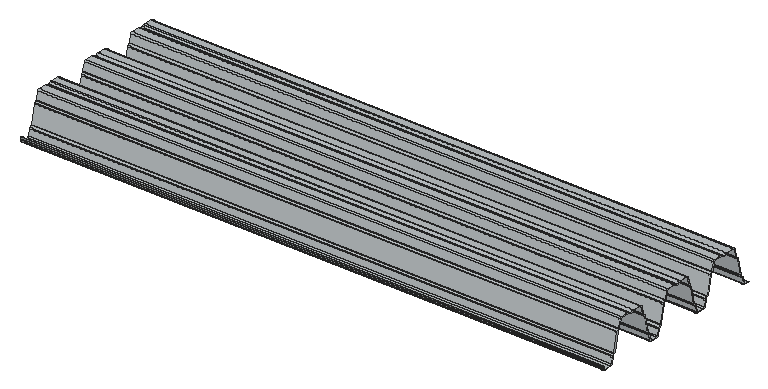
Revit family "28_SB_NL_Delft_Profielen_160R_750", category Structural Framing, Revit 2016
Family settings
  Section Shape = Not Defined
  Material for Model Behavior = Other
  Always export as geometry = No
  OmniClass Number = 23.25.30.11.14.14
  OmniClass Title = Beams
  Always vertical = Yes
  Cut with Voids When Loaded = No
  Symbolic Representation = From Family
  Shared = No
  Show family pre-cut in plan views = Yes
Parameters (values of type "160R_750")
  Vrijkomen van cadium = "NPD"
  URL = "www.delftprofielen.nl"
  Toleranties op vorm en afmetingen = "Tolerantieklasse D1 volgens EN 1090-2"
  Structural Material [instance] = (empty or 0)
  Reactie op bbrand = "Klasse A1"
  Radioactieve straling = "NPD"
  Ontwerp = "NPD"
  Norm = "NEN-EN 1090-1: 2009 + A1:2011"
  Minimale plaatlengte = 1500 mm
  Minimale overlap = 100 mm
  Maximale plaatlengte = 25000 mm
  Materiaal = S320D GD
  Manufacturer = "Delft profielen b.v."
  Length [instance] = 3000 mm
  Fabricage = "Warmdakplaten Delft 160R/750 én EN 1090-2"
  Duurzaamheid = "Verzinkt Z-275 gr./m2 of interieur coating 15mu/BC"
  Dikte = 0.75 mm
  Description = "160R/750"
  Datum = "13-4-2018"
  Constructieve kenmerken = "-"
  BIM4ALL B.V. = "www.bim4all.com"
  Assembly Code = "28.31"
Reference planes
  plane 1 "Center (Front/Back)": y = 0
  plane 2 "Center Elevation": z = 0
  plane 3 "Center (Left/Right)": x = 0
  plane 4 "Left": x = -1500
  plane 5 "Member Left": x = -1250
  plane 6 "Stick Symbol Left": x = -1000
  plane 7 "Right": x = 1500
  plane 8 "Member Right": x = 1250
  plane 9 "Stick Symbol Right": x = 1000
Forms (mm)
  Sweep 1, solid, material "S320D GD" <- "Materiaal"
    path origin (0, 0, 0) x (1, 0, 0) y (0, 1, 0)
      loop
        line (-1250, 0) -> (1250, 0)
    profile "28_Prof_160R_750 : 160R_750" origin (0, 0, 0) x (0, 1, 0) y (0, 0, 1)
      loop
        arc (15.247, 0) -> (18.973, 1.297) -> (21.088, 4.627) r 6
        line (21.088, 4.627) -> (27.118, 30.278)
        arc (27.118, 30.278) -> (27.543, 31.429) -> (28.235, 32.441) r 5
        line (28.235, 32.441) -> (34.812, 39.897)
        arc (34.812, 39.897) -> (35.643, 41.112) -> (36.153, 42.493) r 6
        line (36.153, 42.493) -> (52.91, 113.778)
        arc (52.91, 113.778) -> (53.335, 114.929) -> (54.028, 115.941) r 5
        line (54.028, 115.941) -> (60.604, 123.397)
        arc (60.604, 123.397) -> (61.435, 124.612) -> (61.945, 125.993) r 6
        line (61.945, 125.993) -> (69.386, 157.644)
        arc (69.386, 157.644) -> (71.148, 160.419) -> (74.253, 161.5) r 5
        line (74.253, 161.5) -> (108.766, 161.5)
        arc (108.766, 161.5) -> (109.773, 161.398) -> (110.739, 161.094) r 5
        line (110.739, 161.094) -> (122.632, 155.987)
        arc (122.632, 155.987) -> (125, 155.5) -> (127.368, 155.987) r 6
        line (127.368, 155.987) -> (139.261, 161.094)
        arc (139.261, 161.094) -> (140.227, 161.398) -> (141.234, 161.5) r 5
        line (141.234, 161.5) -> (175.747, 161.5)
        arc (175.747, 161.5) -> (178.852, 160.419) -> (180.614, 157.644) r 5
        line (180.614, 157.644) -> (188.055, 125.993)
        arc (188.055, 125.993) -> (188.565, 124.612) -> (189.396, 123.397) r 6
        line (189.396, 123.397) -> (195.972, 115.941)
        arc (195.972, 115.941) -> (196.665, 114.929) -> (197.09, 113.778) r 5
        line (197.09, 113.778) -> (213.847, 42.493)
        arc (213.847, 42.493) -> (214.357, 41.112) -> (215.188, 39.897) r 6
        line (215.188, 39.897) -> (221.765, 32.441)
        arc (221.765, 32.441) -> (222.457, 31.429) -> (222.882, 30.278) r 5
        line (222.882, 30.278) -> (228.912, 4.627)
        arc (228.912, 4.627) -> (231.027, 1.297) -> (234.753, 0) r 6
        line (234.753, 0) -> (265.247, 0)
        arc (265.247, 0) -> (268.973, 1.297) -> (271.088, 4.627) r 6
        line (271.088, 4.627) -> (277.118, 30.278)
        arc (277.118, 30.278) -> (277.543, 31.429) -> (278.235, 32.441) r 5
        line (278.235, 32.441) -> (284.812, 39.897)
        arc (284.812, 39.897) -> (285.643, 41.112) -> (286.153, 42.493) r 6
        line (286.153, 42.493) -> (302.91, 113.778)
        arc (302.91, 113.778) -> (303.335, 114.929) -> (304.028, 115.941) r 5
        line (304.028, 115.941) -> (310.604, 123.397)
        arc (310.604, 123.397) -> (311.435, 124.612) -> (311.945, 125.993) r 6
        line (311.945, 125.993) -> (319.386, 157.644)
        arc (319.386, 157.644) -> (321.148, 160.419) -> (324.253, 161.5) r 5
        line (324.253, 161.5) -> (358.766, 161.5)
        arc (358.766, 161.5) -> (359.773, 161.398) -> (360.739, 161.094) r 5
        line (360.739, 161.094) -> (372.632, 155.987)
        arc (372.632, 155.987) -> (375, 155.5) -> (377.368, 155.987) r 6
        line (377.368, 155.987) -> (389.261, 161.094)
        arc (389.261, 161.094) -> (390.227, 161.398) -> (391.234, 161.5) r 5
        line (391.234, 161.5) -> (425.747, 161.5)
        arc (425.747, 161.5) -> (428.852, 160.419) -> (430.614, 157.644) r 5
        line (430.614, 157.644) -> (438.055, 125.993)
        arc (438.055, 125.993) -> (438.565, 124.612) -> (439.396, 123.397) r 6
        line (439.396, 123.397) -> (445.972, 115.941)
        arc (445.972, 115.941) -> (446.665, 114.929) -> (447.09, 113.778) r 5
        line (447.09, 113.778) -> (463.847, 42.493)
        arc (463.847, 42.493) -> (464.357, 41.112) -> (465.188, 39.897) r 6
        line (465.188, 39.897) -> (471.765, 32.441)
        arc (471.765, 32.441) -> (472.457, 31.429) -> (472.882, 30.278) r 5
        line (472.882, 30.278) -> (478.912, 4.627)
        arc (478.912, 4.627) -> (481.027, 1.297) -> (484.753, 0) r 6
        line (484.753, 0) -> (515.247, 0)
        arc (515.247, 0) -> (518.973, 1.297) -> (521.088, 4.627) r 6
        line (521.088, 4.627) -> (527.118, 30.278)
        arc (527.118, 30.278) -> (527.543, 31.429) -> (528.235, 32.441) r 5
        line (528.235, 32.441) -> (534.812, 39.897)
        arc (534.812, 39.897) -> (535.643, 41.112) -> (536.153, 42.493) r 6
        line (536.153, 42.493) -> (552.91, 113.778)
        arc (552.91, 113.778) -> (553.335, 114.929) -> (554.028, 115.941) r 5
        line (554.028, 115.941) -> (560.604, 123.397)
        arc (560.604, 123.397) -> (561.435, 124.612) -> (561.945, 125.993) r 6
        line (561.945, 125.993) -> (569.386, 157.644)
        arc (569.386, 157.644) -> (571.148, 160.419) -> (574.253, 161.5) r 5
        line (574.253, 161.5) -> (608.766, 161.5)
        arc (608.766, 161.5) -> (609.773, 161.398) -> (610.739, 161.094) r 5
        line (610.739, 161.094) -> (622.632, 155.987)
        arc (622.632, 155.987) -> (625, 155.5) -> (627.368, 155.987) r 6
        line (627.368, 155.987) -> (639.261, 161.094)
        arc (639.261, 161.094) -> (640.227, 161.398) -> (641.234, 161.5) r 5
        line (641.234, 161.5) -> (675.747, 161.5)
        arc (675.747, 161.5) -> (678.852, 160.419) -> (680.614, 157.644) r 5
        line (680.614, 157.644) -> (688.055, 125.993)
        arc (688.055, 125.993) -> (688.565, 124.612) -> (689.396, 123.397) r 6
        line (689.396, 123.397) -> (695.972, 115.941)
        arc (695.972, 115.941) -> (696.665, 114.929) -> (697.09, 113.778) r 5
        line (697.09, 113.778) -> (713.847, 42.493)
        arc (713.847, 42.493) -> (714.357, 41.112) -> (715.188, 39.897) r 6
        line (715.188, 39.897) -> (721.765, 32.441)
        arc (721.765, 32.441) -> (722.457, 31.429) -> (722.882, 30.278) r 5
        line (722.882, 30.278) -> (728.912, 4.627)
        arc (728.912, 4.627) -> (731.027, 1.297) -> (734.753, 0) r 6
        line (734.753, 0) -> (755, 0) -> (755, 1) -> (734.753, 1)
        arc (734.753, 1) -> (731.648, 2.081) -> (729.886, 4.856) r 5
        line (729.886, 4.856) -> (723.856, 30.507)
        arc (723.856, 30.507) -> (723.346, 31.888) -> (722.515, 33.103) r 6
        line (722.515, 33.103) -> (715.938, 40.559)
        arc (715.938, 40.559) -> (715.246, 41.571) -> (714.821, 42.722) r 5
        line (714.821, 42.722) -> (698.063, 114.007)
        arc (698.063, 114.007) -> (697.553, 115.388) -> (696.722, 116.603) r 6
        line (696.722, 116.603) -> (690.146, 124.059)
        arc (690.146, 124.059) -> (689.453, 125.071) -> (689.028, 126.222) r 5
        line (689.028, 126.222) -> (681.588, 157.873)
        arc (681.588, 157.873) -> (679.473, 161.203) -> (675.747, 162.5) r 6
        line (675.747, 162.5) -> (641.234, 162.5)
        arc (641.234, 162.5) -> (640.025, 162.377) -> (638.866, 162.013) r 6
        line (638.866, 162.013) -> (626.973, 156.906)
        arc (626.973, 156.906) -> (625, 156.5) -> (623.027, 156.906) r 5
        line (623.027, 156.906) -> (611.134, 162.013)
        arc (611.134, 162.013) -> (609.975, 162.377) -> (608.766, 162.5) r 6
        line (608.766, 162.5) -> (574.253, 162.5)
        arc (574.253, 162.5) -> (570.527, 161.203) -> (568.412, 157.873) r 6
        line (568.412, 157.873) -> (560.972, 126.222)
        arc (560.972, 126.222) -> (560.547, 125.071) -> (559.854, 124.059) r 5
        line (559.854, 124.059) -> (553.278, 116.603)
        arc (553.278, 116.603) -> (552.447, 115.388) -> (551.937, 114.007) r 6
        line (551.937, 114.007) -> (535.179, 42.722)
        arc (535.179, 42.722) -> (534.754, 41.571) -> (534.062, 40.559) r 5
        line (534.062, 40.559) -> (527.485, 33.103)
        arc (527.485, 33.103) -> (526.654, 31.888) -> (526.144, 30.507) r 6
        line (526.144, 30.507) -> (520.114, 4.856)
        arc (520.114, 4.856) -> (518.352, 2.081) -> (515.247, 1) r 5
        line (515.247, 1) -> (484.753, 1)
        arc (484.753, 1) -> (481.648, 2.081) -> (479.886, 4.856) r 5
        line (479.886, 4.856) -> (473.856, 30.507)
        arc (473.856, 30.507) -> (473.346, 31.888) -> (472.515, 33.103) r 6
        line (472.515, 33.103) -> (465.938, 40.559)
        arc (465.938, 40.559) -> (465.246, 41.571) -> (464.821, 42.722) r 5
        line (464.821, 42.722) -> (448.063, 114.007)
        arc (448.063, 114.007) -> (447.553, 115.388) -> (446.722, 116.603) r 6
        line (446.722, 116.603) -> (440.146, 124.059)
        arc (440.146, 124.059) -> (439.453, 125.071) -> (439.028, 126.222) r 5
        line (439.028, 126.222) -> (431.588, 157.873)
        arc (431.588, 157.873) -> (429.473, 161.203) -> (425.747, 162.5) r 6
        line (425.747, 162.5) -> (391.234, 162.5)
        arc (391.234, 162.5) -> (390.025, 162.377) -> (388.866, 162.013) r 6
        line (388.866, 162.013) -> (376.973, 156.906)
        arc (376.973, 156.906) -> (375, 156.5) -> (373.027, 156.906) r 5
        line (373.027, 156.906) -> (361.134, 162.013)
        arc (361.134, 162.013) -> (359.975, 162.377) -> (358.766, 162.5) r 6
        line (358.766, 162.5) -> (324.253, 162.5)
        arc (324.253, 162.5) -> (320.527, 161.203) -> (318.412, 157.873) r 6
        line (318.412, 157.873) -> (310.972, 126.222)
        arc (310.972, 126.222) -> (310.547, 125.071) -> (309.854, 124.059) r 5
        line (309.854, 124.059) -> (303.278, 116.603)
        arc (303.278, 116.603) -> (302.447, 115.388) -> (301.937, 114.007) r 6
        line (301.937, 114.007) -> (285.179, 42.722)
        arc (285.179, 42.722) -> (284.754, 41.571) -> (284.062, 40.559) r 5
        line (284.062, 40.559) -> (277.485, 33.103)
        arc (277.485, 33.103) -> (276.654, 31.888) -> (276.144, 30.507) r 6
        line (276.144, 30.507) -> (270.114, 4.856)
        arc (270.114, 4.856) -> (268.352, 2.081) -> (265.247, 1) r 5
        line (265.247, 1) -> (234.753, 1)
        arc (234.753, 1) -> (231.648, 2.081) -> (229.886, 4.856) r 5
        line (229.886, 4.856) -> (223.856, 30.507)
        arc (223.856, 30.507) -> (223.346, 31.888) -> (222.515, 33.103) r 6
        line (222.515, 33.103) -> (215.938, 40.559)
        arc (215.938, 40.559) -> (215.246, 41.571) -> (214.821, 42.722) r 5
        line (214.821, 42.722) -> (198.063, 114.007)
        arc (198.063, 114.007) -> (197.553, 115.388) -> (196.722, 116.603) r 6
        line (196.722, 116.603) -> (190.146, 124.059)
        arc (190.146, 124.059) -> (189.453, 125.071) -> (189.028, 126.222) r 5
        line (189.028, 126.222) -> (181.588, 157.873)
        arc (181.588, 157.873) -> (179.473, 161.203) -> (175.747, 162.5) r 6
        line (175.747, 162.5) -> (141.234, 162.5)
        arc (141.234, 162.5) -> (140.025, 162.377) -> (138.866, 162.013) r 6
        line (138.866, 162.013) -> (126.973, 156.906)
        arc (126.973, 156.906) -> (125, 156.5) -> (123.027, 156.906) r 5
        line (123.027, 156.906) -> (111.134, 162.013)
        arc (111.134, 162.013) -> (109.975, 162.377) -> (108.766, 162.5) r 6
        line (108.766, 162.5) -> (74.253, 162.5)
        arc (74.253, 162.5) -> (70.527, 161.203) -> (68.412, 157.873) r 6
        line (68.412, 157.873) -> (60.972, 126.222)
        arc (60.972, 126.222) -> (60.547, 125.071) -> (59.854, 124.059) r 5
        line (59.854, 124.059) -> (53.278, 116.603)
        arc (53.278, 116.603) -> (52.447, 115.388) -> (51.937, 114.007) r 6
        line (51.937, 114.007) -> (35.179, 42.722)
        arc (35.179, 42.722) -> (34.754, 41.571) -> (34.062, 40.559) r 5
        line (34.062, 40.559) -> (27.485, 33.103)
        arc (27.485, 33.103) -> (26.654, 31.888) -> (26.144, 30.507) r 6
        line (26.144, 30.507) -> (20.114, 4.856)
        arc (20.114, 4.856) -> (18.352, 2.081) -> (15.247, 1) r 5
        line (15.247, 1) -> (-15.247, 1)
        arc (-15.247, 1) -> (-18.352, 2.081) -> (-20.114, 4.856) r 5
        line (-20.114, 4.856) -> (-21.315, 9.963) -> (-22.479, 14.916) -> (-24.88, 20.51) -> (-25.799, 20.116) -> (-23.433, 14.602) -> (-22.288, 9.735) -> (-21.088, 4.627)
        arc (-21.088, 4.627) -> (-18.973, 1.297) -> (-15.247, 0) r 6
        line (-15.247, 0) -> (15.247, 0)
Lines and regions (mm)
  model lines, style "Stick Symbols", detail levels coarse
    curve 1: line (-1000, 0, 0) -> (1000, 0, 0)
Dimensions and locks
  equal spacing: plane 4 "Left", plane 3 "Center (Left/Right)", plane 7 "Right"
  "Length": plane 4 "Left" to plane 7 "Right"
  aligned and locked: plane 1 "Center (Front/Back)" to curve 1
  aligned and locked: plane 6 "Stick Symbol Left" to curve 1
  aligned and locked: plane 9 "Stick Symbol Right" to curve 1
  aligned and locked: level to plane 2 "Center Elevation"
  aligned and locked: plane 8 "Member Right" to Sweep 1 sketch curve
  aligned and locked: plane 5 "Member Left" to Sweep 1 sketch curve
Automatic sketch dimensions
  plane 1 "Center (Front/Back)" to Sweep 1 sketch curve = 0 mm
